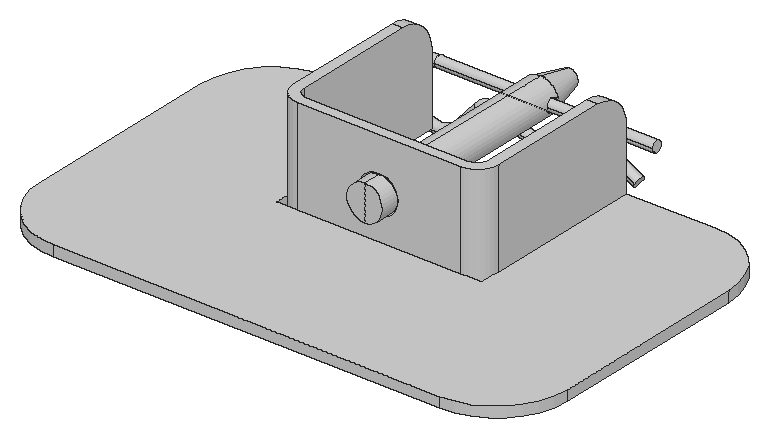
Revit family "ORMA_TOEBOARD FIXING SBU_1908965", category Generic Models, Revit 2018
Family settings
  Can host rebar = No
  Round Connector Dimension = Use Diameter
  Part Type = Normal
  OmniClass Number = 35.51.14.00
  OmniClass Title = FORMWORK
  Work Plane-Based = Yes
  Always vertical = No
  Cut with Voids When Loaded = No
  Shared = Yes
  Room Calculation Point = No
Parameters
  VERSION = "20170217"  # constant formula
  URL = "www.ulmaconstruction.com/en"
  UNICLASS = ""
  Manufacturer = "ULMA CONSTRUCTION"  # constant formula
  ITEM_CODE = "1908965"
  FILTER [instance] = ""
  Default Elevation = 0.000 mm
  CLASSIFICATION_TITLE = ""
  CLASSIFICATION_NUMBER = ""
Reference planes
  plane 1 "Centro (Frontal/Posterior)": y = 0
  plane 2: z = 0
  plane 3 "Centro (Izquierda/Derecha)": x = 0
Forms (mm)
  Revolve 1, solid, material "ULMA ZINC", detail levels fine
    sketch origin (0, -0.5, -281) x (0, 0, 1) y (0, -1, 0)
      loop
        line (0, 32.5) -> (0, -39.5) -> (2.5, -39.5) -> (5, -29.5) -> (5, 32.5) -> (0, 32.5)
      axis (0, 32.5) -> (0, -39.5)
    angle from 0 to 360
  Extrusion 2, solid, material "ULMA ZINC", detail levels fine
    sketch origin (0, 0, 0) x (1, 0, 0) y (0, 1, 0)
      loop
        arc (26, -22) -> (25.121, -24.121) -> (23, -25) r 3
        line (23, -25) -> (-23, -25)
        arc (-23, -25) -> (-25.121, -24.121) -> (-26, -22) r 3
        line (-26, -22) -> (-26, 23) -> (-29, 23) -> (-29, -22)
        arc (-29, -22) -> (-27.243, -26.243) -> (-23, -28) r 6
        line (-23, -28) -> (23, -28)
        arc (23, -28) -> (27.243, -26.243) -> (29, -22) r 6
        line (29, -22) -> (29, 23) -> (26, 23) -> (26, -22)
    from -296 to -266
  Extrusion 3, void
    sketch origin (0, 0, 0) x (0, 1, 0) y (0, 0, 1)
      loop
        circle (27, -281) r 2
    from -5.552 to 5.584
  Extrusion 4, void
    sketch origin (0, 0, 0) x (1, 0, 0) y (0, 0, 1)
      loop
        circle (0, -281) r 5.5
    from 25 to 28
  Extrusion 5, void
    sketch origin (0, 0, 0) x (0, 1, 0) y (0, 0, 1)
      loop
        arc (13, -266) -> (20.071, -268.929) -> (23, -276) r 10
        line (23, -276) -> (23.792, -276) -> (23.792, -265.203) -> (13, -265.203) -> (13, -266)
    from -29 to 29
  Extrusion 6, solid, material "ULMA ZINC"
    sketch origin (0, 0, 0) x (1, 0, 0) y (0, 1, 0)
      loop
        arc (54, -74) -> (68.142, -68.142) -> (74, -54) r 20
        line (74, -54) -> (74, 3)
        arc (74, 3) -> (68.142, 17.142) -> (54, 23) r 20
        line (54, 23) -> (29, 23) -> (29, -28) -> (-29, -28) -> (-29, 23) -> (-55, 23)
        arc (-55, 23) -> (-69.142, 17.142) -> (-75, 3) r 20
        line (-75, 3) -> (-75, -54)
        arc (-75, -54) -> (-69.142, -68.142) -> (-55, -74) r 20
        line (-55, -74) -> (54, -74)
    from -296 to -293
  Sweep 7, solid, material "ULMA ZINC", detail levels fine
    path origin (0, 0, 0) x (1, 0, 0) y (0, 0, 1)
      loop
        line (34.47, -281) -> (-27.089, -281)
        arc (-27.089, -281) -> (-27.904, -281.039) -> (-28.712, -281.157) r 8.455
        arc (-28.712, -281.157) -> (-34.481, -285.351) -> (-34.99, -292.466) r 8.455
        arc (-34.99, -292.466) -> (-34.337, -293.808) -> (-33.46, -295.014) r 8.455
        arc (-33.46, -295.014) -> (-27.023, -297.91) -> (-20.632, -294.914) r 8.455
        line (-20.632, -294.914) -> (-15.326, -288.638)
        arc (-15.326, -288.638) -> (-13.561, -287.522) -> (-11.474, -287.618) r 3.478
        line (-11.474, -287.618) -> (-3.913, -290.386)
        arc (-3.913, -290.386) -> (0.186, -290.968) -> (4.165, -289.827) r 9.926
        line (4.165, -289.827) -> (13.049, -285.097)
        arc (13.049, -285.097) -> (15.627, -284.476) -> (18.183, -285.182) r 5.299
        line (18.183, -285.182) -> (29.494, -291.695)
    profile origin (3.691, 0, -281) x (0, 0, -1) y (0, -1, 0)
      loop
        circle (0, -27) r 1.5
Cuts and joins
  Extrusion 3, Extrusion 4 cuts Revolve 1
  Extrusion 4, Extrusion 5 cuts Extrusion 2
Dimensions and locks
  aligned and locked: level to plane 2
